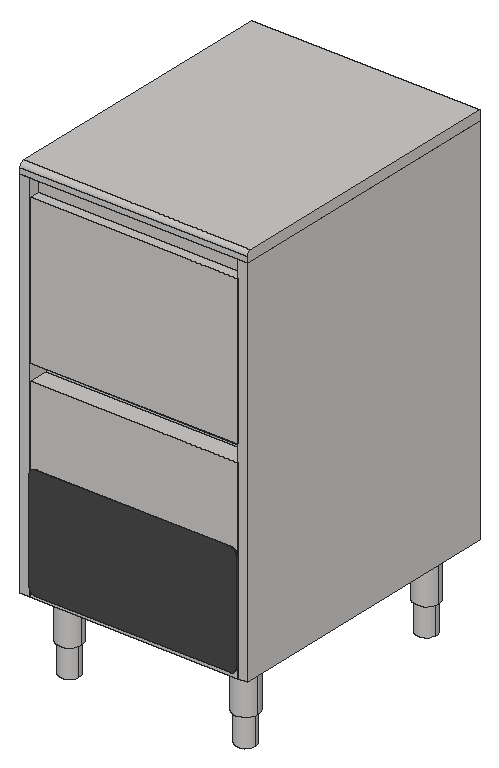
Revit family "QF_ELECTROLUXPROFESSIONAL_730342_ICB47I20SNPUK", category Attrezzature speciali, Revit 2018
Family settings
  Quota connettore circolare = Usa diametro
  Tipo di parte = Normale
  Basato su piano di lavoro = No
  Sempre verticale = Sì
  Taglio con vuoti quando caricato = No
  Condiviso = No
  Punto di calcolo locali = No
Parameters (values of type "Standard")
  Weight = 45.00 kg
  Watts = 0 W
  Volts = 230 V
  URL Manufacturer = "https://www.electroluxprofessional.com/"
  URL = "https://www.electroluxprofessional.com/"
  Steam Supply Size = 0 mm
  Steam Supply Minimum Pressure = 0.0 Pa
  Steam Supply Maximum Pressure = 0.0 Pa
  Steam Pounds per Hour = 0
  Show Logo [instance] = yes
  Show Clearance [instance] = yes
  Refrigeration Suction Line Size = 0 mm
  Refrigeration Liquid Line Size = 0 mm
  Refrigerant Compressor Remote = yes
  Produttore = "Electrolux Professional"
  Phase = 1
  Modello = "ICB47I20SNPUK"
  Length Actual = 465 mm  # constant formula
  Item Number = "730342"
  Hot Water Size = 0 mm
  Height Actual = 894 mm  # constant formula
  HP = "0 HP"
  Gas Size = 0 mm
  Gas KW = 0
  Gas Input Pressure = 0 W
  Descrizione = "AIR COOLED ICE CUBER 22GR 47KG/24H-BIN 20KG - UK"
  Depth Actual = 595 mm  # constant formula
  Cycle = 50 Hz
  Condensate Return Size = 0 mm
  Compressed Air Volume = 0.0 L/s
  Compressed Air Size = 0 mm
  Compressed Air Pressure = 0.0 Pa
  Cold Water Size = 19.05 mm
  Accessory = yes
Reference planes
  plane 1 "Center X": y = 272.851
  plane 2: z = 0
  plane 3 "Center Y": x = -501.5
  plane 4 "LEFT": x = -734
  plane 5 "RIGHT": x = -269
  plane 6 "FRONT": y = -24.149
  plane 7 "BACK": y = 569.851
  plane 8: z = 155
  plane 9: z = 944
  plane 10: z = 924
  plane 11: x = -714
  plane 12: x = -289
  plane 13: y = 15.851
Forms (mm)
  Extrusion 1, solid, material "QF_Finishes_Black"
    sketch origin (-217.296, -24.149, 371.513) x (-1, 0, 0) y (0, 0, -1)
      loop
        arc (481.704, -21.487) -> (492.311, -17.093) -> (496.704, -6.487) r 15
        line (496.704, -6.487) -> (496.704, 194.469)
        arc (496.704, 194.469) -> (492.311, 205.075) -> (481.704, 209.469) r 15
        line (481.704, 209.469) -> (86.704, 209.469)
        arc (86.704, 209.469) -> (76.097, 205.075) -> (71.704, 194.469) r 15
        line (71.704, 194.469) -> (71.704, -6.487)
        arc (71.704, -6.487) -> (76.097, -17.093) -> (86.704, -21.487) r 15
        line (86.704, -21.487) -> (481.704, -21.487)
    from 0 to 2
  Extrusion 2, solid, material "QF_Finishes_Stainless Steel"
    sketch origin (-501.5, 0, 0) x (0, 1, 0) y (0, 0, 1)
      loop
        line (569.851, 924) -> (569.851, 944) -> (-14.149, 944)
        arc (-14.149, 944) -> (-21.22, 941.071) -> (-24.149, 934) r 10
        line (-24.149, 934) -> (-24.149, 924) -> (569.851, 924)
    from -232.5 to 232.5
  Extrusion 3, solid, material "QF_Finishes_Stainless Steel"
    sketch origin (-321.2, 569.851, -329.545) x (1, 0, 0) y (0, 0, -1)
      loop
        circle (-16.8, -655.545) r 10
    from 0 to 10
  Extrusion 4, solid, material "QF_Finishes_Stainless Steel"
    sketch origin (0, 0, 0) x (1, 0, 0) y (0, 1, 0)
      loop
        line (-734, 569.851) -> (-734, -24.149) -> (-714, -24.149) -> (-714, 569.851) -> (-734, 569.851)
    from 155 to 924
  Extrusion 5, solid, material "QF_Finishes_Stainless Steel"
    sketch origin (0, 0, 0) x (1, 0, 0) y (0, 1, 0)
      loop
        line (-289, 569.851) -> (-289, -24.149) -> (-269, -24.149) -> (-269, 569.851) -> (-289, 569.851)
    from 155 to 924
  Extrusion 6, solid, material "QF_Finishes_Stainless Steel"
    sketch origin (0, 0, 0) x (1, 0, 0) y (0, 1, 0)
      loop
        line (-714, 569.851) -> (-714, 15.851) -> (-289, 15.851) -> (-289, 569.851) -> (-714, 569.851)
    from 155 to 924
  Extrusion 7, solid, material "QF_Finishes_Stainless Steel"
    sketch origin (0, 0, 0) x (1, 0, 0) y (0, 1, 0)
      loop
        line (-714, -24.149) -> (-289, -24.149) -> (-289, 15.851) -> (-714, 15.851) -> (-714, -24.149)
    from 155 to 550.848
  Extrusion 8, solid, material "QF_Finishes_Stainless Steel"
    sketch origin (-501.5, 0, 0) x (0, 1, 0) y (0, 0, 1)
      loop
        line (15.851, 924) -> (-4.149, 924) -> (-4.149, 888) -> (-24.149, 888) -> (-24.149, 584.768) -> (-4.149, 584.768) -> (-4.149, 569) -> (15.851, 569) -> (15.851, 924)
    from -212.5 to 212.5
  Extrusion 9, solid, material "QF_Finishes_Stainless Steel"
    sketch origin (-303.2, 569.851, -440.545) x (1, 0, 0) y (0, 0, -1)
      loop
        circle (-16.8, -655.545) r 10
    from 0 to 10
  Extrusion 10, solid, material "QF_Finishes_Stainless Steel"
    sketch origin (-363.2, 569.851, -361.545) x (1, 0, 0) y (0, 0, -1)
      loop
        circle (-16.8, -655.545) r 10
    from 0 to 10
Lines and regions (mm)
  Split face 1
    outline origin (-501.5, -4.149, 924) x (0, 0, -1) y (1, 0, 0)
      loop
        line (5.715, 89.928) -> (30.715, 89.928) -> (30.715, 129.928) -> (5.715, 129.928) -> (5.715, 89.928)
  symbolic lines
    curve 1: line (-734, 569.851, 0) -> (-269, 569.851, 0)
    curve 2: line (-734, -24.149, 0) -> (-734, 569.851, 0)
    curve 3: line (-269, -24.149, 0) -> (-734, -24.149, 0)
    curve 4: line (-269, 569.851, 0) -> (-269, -24.149, 0)
Dimensions and locks
  equal spacing: plane 4 "LEFT", plane 3 "Center Y", plane 5 "RIGHT"
  plane 4 "LEFT" to plane 5 "RIGHT" = 465 mm
  equal spacing: plane 7 "BACK", plane 1 "Center X", plane 6 "FRONT"
  plane 7 "BACK" to plane 6 "FRONT" = 594 mm
  plane 8 to plane 2 = 155 mm
  plane 9 to plane 8 = 789 mm
  locked: plane 4 "LEFT" to plane 11 at 20
  locked: plane 12 to plane 5 "RIGHT" at 20
  locked: plane 9 to plane 10 at 20
  locked: plane 13 to plane 6 "FRONT" at 40
  aligned and locked: level to plane 2
  aligned and locked: plane 5 "RIGHT" to Extrusion 2
  aligned and locked: Extrusion 2 to plane 4 "LEFT"
  aligned and locked: Extrusion 4 sketch curve to Extrusion 2  (x2)
  aligned and locked: plane 6 "FRONT" to Extrusion 4 sketch curve
  aligned and locked: Extrusion 4 sketch curve to plane 11
  aligned and locked: Extrusion 5 sketch curve to plane 7 "BACK"
  aligned and locked: plane 12 to Extrusion 5 sketch curve
  aligned and locked: Extrusion 5 sketch curve to Extrusion 2  (x2)
  aligned and locked: plane 10 to Extrusion 4
  aligned and locked: plane 10 to Extrusion 5
  aligned and locked: Extrusion 4 to plane 8
  aligned and locked: Extrusion 5 to plane 8
  aligned and locked: Extrusion 6 sketch curve to Extrusion 4
  aligned and locked: Extrusion 4 to Extrusion 6 sketch curve
  aligned and locked: plane 13 to Extrusion 6 sketch curve
  aligned and locked: Extrusion 6 sketch curve to plane 12
  aligned and locked: plane 10 to Extrusion 6
  aligned and locked: Extrusion 6 to plane 8
  aligned and locked: Extrusion 4 to Extrusion 7 sketch curve
  aligned and locked: Extrusion 7 sketch curve to Extrusion 4
  aligned and locked: plane 13 to Extrusion 7 sketch curve
  aligned and locked: plane 12 to Extrusion 7 sketch curve
  aligned and locked: Extrusion 7 to plane 8
  aligned and locked: plane 12 to Extrusion 8
  aligned and locked: Extrusion 8 to plane 11
Automatic sketch dimensions
  curve 3 to plane 4 "LEFT" = 0 mm
  curve 3 to plane 5 "RIGHT" = 0 mm
  curve 3 to plane 6 "FRONT" = 0 mm
  curve 2 to plane 7 "BACK" = 0 mm
  Extrusion 1 sketch curve to plane 12 = 0 mm
  plane 8 to Extrusion 1 sketch curve = 7.044 mm
  Extrusion 1 sketch curve to Extrusion 1 sketch curve = 15 mm  (x3)
  plane 11 to Extrusion 1 sketch curve = 15 mm  (x2)
  Extrusion 1 sketch curve to Extrusion 1 sketch curve = 200.956 mm
  Extrusion 2 sketch curve to plane 6 "FRONT" = 0 mm
  Extrusion 2 sketch curve to plane 9 = 0 mm
  Extrusion 2 sketch curve to plane 7 "BACK" = 0 mm
  Extrusion 2 sketch curve to plane 10 = 0 mm
  plane 6 "FRONT" to Extrusion 2 sketch curve = 10 mm
  Extrusion 6 to Extrusion 3 sketch curve = 171 mm
  Extrusion 3 sketch curve to Extrusion 6 = 49 mm
  Extrusion 8 sketch curve to plane 6 "FRONT" = 0 mm
  Extrusion 8 sketch curve to plane 10 = 0 mm
  Extrusion 8 sketch curve to plane 13 = 0 mm
  plane 6 "FRONT" to Extrusion 8 sketch curve = 20 mm  (x2)
  Extrusion 8 sketch curve to plane 10 = 36 mm
  Extrusion 8 sketch curve to Extrusion 8 sketch curve = 303.232 mm
  Extrusion 8 sketch curve to Extrusion 8 sketch curve = 15.768 mm
  Split face 1 sketch curve to Extrusion 8 = 5.715 mm
  Extrusion 8 to Split face 1 sketch curve = 5.285 mm
  Split face 1 sketch curve to Extrusion 8 = 122.572 mm
  Split face 1 sketch curve to Split face 1 sketch curve = 40 mm
  Extrusion 9 sketch curve to Extrusion 6 = 31 mm
  Extrusion 6 to Extrusion 9 sketch curve = 60 mm
  Extrusion 10 sketch curve to Extrusion 6 = 91 mm
  Extrusion 6 to Extrusion 10 sketch curve = 139 mm
  radius of Extrusion 3 sketch curve = 10 mm
  radius of Extrusion 9 sketch curve = 10 mm
  radius of Extrusion 10 sketch curve = 10 mm
Nested families
  nested 1: "Foot_Complete" at (-682, 36.851, 0), type "Foot_Complete"
    with H 155 mm
  nested 2: "Foot_Complete" at (-321, 36.851, 0) x (-1, 0, 0) z (0, 0, 1), type "Foot_Complete"
    with H 155 mm
  nested 3: "Foot_Complete" at (-682, 498.851, 0), type "Foot_Complete"
    with H 155 mm
  nested 4: "Foot_Complete" at (-321, 498.851, 0) x (-1, 0, 0) z (0, 0, 1), type "Foot_Complete"
    with H 155 mm
Connectors
  electrical at (-320, 579.851, 215), driven by "Volts"
    settings: on Extrusion 9, index 1, voltage 230 V, apparent load 0 VA, apparent load phase1 0 VA, apparent load phase2 0 VA, apparent load phase3 0 VA, power factor 1, load classification "Altro", number of poles 1, system type 30, power factor state 1, is connector primary yes, connector utility no, sub classification motor no, connector description "Electrical Connection"
  piping at (-338, 579.851, 326), diameter 20
    settings: on Extrusion 3, index 2, connector inside diameter 609.6 mm, connector length 0 mm, flow factor 0, pipe flow 0.0 L/s, pressure drop 0.0 Pa, fitting loss kfactor 0, connector angle 0.00°, fixture units 0, engagement length 0 mm, angle of deflection 0.00°, flow configuration 0, flow direction 0, fitting loss method 0, system type 20, joint type 0, gender type 0, connector reference index -1, connector utility 0, adjustable connector no, is connector primary yes, connector description "Cold water"
  piping at (-380, 579.851, 294), diameter 20
    settings: on Extrusion 10, index 3, connector inside diameter 609.6 mm, connector length 0 mm, flow factor 0, pipe flow 0.0 L/s, pressure drop 0.0 Pa, fitting loss kfactor 0, connector angle 0.00°, fixture units 0, engagement length 0 mm, angle of deflection 0.00°, flow configuration 0, flow direction 0, fitting loss method 0, system type 16, joint type 0, gender type 0, connector reference index -1, connector utility 0, adjustable connector no, is connector primary no, connector description "Drain"
Definition of nested family "Foot_Complete"
  Parameters (values of type "Foot_Complete")
    R = 25 mm
    H = 153 mm
  Reference planes
    plane 1 "Centro (Fronte/Retro)": y = 0
    plane 2: z = 0
    plane 3 "Centro (Sinistra/Destra)": x = 0
    plane 4: z = 153
  Forms (mm)
    Revolve 1, solid
      sketch origin (255.05, 0, 608.09) x (0, 0, 1) y (-1, 0, 0)
        loop
          line (-608.09, 255.05) -> (-608.09, 235.05) -> (-548.09, 235.05) -> (-548.09, 230.05) -> (-455.09, 230.05) -> (-455.09, 255.05) -> (-608.09, 255.05)
        axis (-608.09, 255.05) -> (-455.09, 255.05)
      angle from 0 to 360
  Dimensions and locks
    level to Revolve 1 sketch curve = 60 mm
    "R": Revolve 1 sketch curve to plane 3 "Centro (Sinistra/Destra)"
    "H": plane 4 to level
    aligned and locked: level to plane 2
    aligned and locked: plane 4 to Revolve 1 sketch curve
    aligned and locked: Revolve 1 sketch curve to level
    aligned and locked: plane 3 "Centro (Sinistra/Destra)" to Revolve 1 sketch curve
  Automatic sketch dimensions
    Revolve 1 sketch curve to plane 3 "Centro (Sinistra/Destra)" = 0 mm
    plane 3 "Centro (Sinistra/Destra)" to Revolve 1 sketch curve = 20 mm
    Revolve 1 sketch curve to Revolve 1 sketch curve = 50 mm
    Revolve 1 sketch curve to Revolve 1 sketch curve = 20 mm
